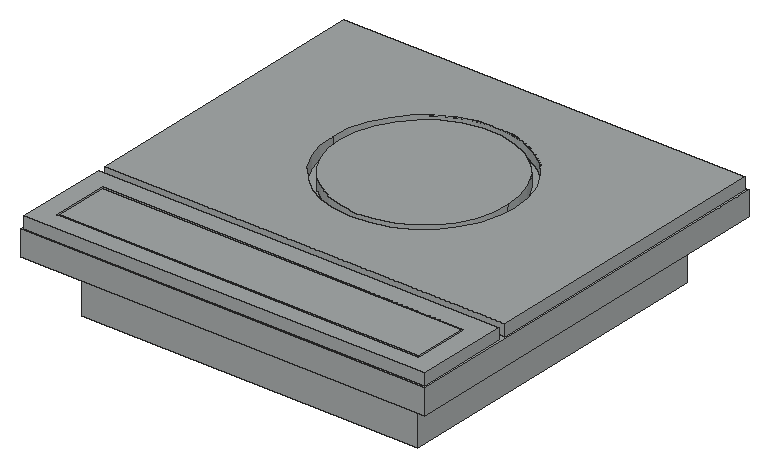
Revit family "Gira_5533920", category Electrical Fixtures, host Face, Revit 2017
Family settings
  Host = Face
  Maintain Annotation Orientation = Yes
  Round Connector Dimension = Use Diameter
  Part Type = Normal
  Cut with Voids When Loaded = No
  Shared = No
  Room Calculation Point = No
Parameters (values of type "Ruftastenmodul 3f System 106 Edelstahl")
  URL = "http://katalog.gira.de/de_DE/datenblatt.html?artikelnr=5533920"
  Region = "DE"
  Name = "Ruftastenmodul 3f System 106 Edelstahl"
  Model = "Sys106_Abdeckung_Schalten und Tasten"
  Manufacturer URL = "https://www.gira.de/"
  Installationstechnik = "Bus-System"
  Höhe = "0,1065 m"
  HeinzeBIM = "https://bimportal.heinze.de/bim/ruftastenmodul-3f-system-106-edelstahl/2d92a11e4e957731f4c442018084108859d4a54f"
  HAN = "5533920"
  GTIN = "4010337022565"
  Edelstahl [instance] = Edelstahl
  Default Elevation = 1219.2 mm
  Data sheet (1) = "https://katalog.gira.de/de_DE/download.html?artikelnr=5533920"
  Category = "Funktionsmodul für Türkommunikation"
  Breite = "0,1065 m"
  Available = "Yes"
  Anzahl der Klingeltasten = "3 "
Reference planes
  plane 1 "Center (Front/Back)": y = 0
  plane 2 "Reference Level 0": z = 0
  plane 3 "Center (Left/Right)": x = 0
  plane 4 "Reference Level 1": z = 9.5
Forms (mm)
  Extrusion 1, solid, material "Edelstahl" <- "Edelstahl", detail levels coarse
    sketch origin (0, 0, 0) x (1, 0, 0) y (0, 1, 0)
      loop
        line (-53, 53) -> (-53, -53) -> (53, -53) -> (53, 53) -> (-53, 53)
    from -14.7 to 9.5
  Extrusion 2, solid, material "Edelstahl" <- "Edelstahl", detail levels fine
    sketch origin (0, 0, 0) x (1, 0, 0) y (0, 1, 0)
      loop
        line (52.5, -28) -> (-52.5, -28) -> (-52.5, -52.5) -> (52.5, -52.5) -> (52.5, -28)
      loop
        line (-47.5, -48) -> (47.5, -48) -> (47.5, -33) -> (-47.5, -33) -> (-47.5, -48)
    from 6.5 to 9.5
  Extrusion 3, solid, material "Edelstahl" <- "Edelstahl", detail levels fine
    sketch origin (0, 0, 0) x (1, 0, 0) y (0, 1, 0)
      loop
        line (-52.5, 52.5) -> (-52.5, -26) -> (52.5, -26) -> (52.5, 52.5) -> (-52.5, 52.5)
      loop
        circle (0, 13) r 24
    from 6.5 to 9.5
  Extrusion 4, solid, material "Edelstahl" <- "Edelstahl", detail levels medium+fine
    sketch origin (0, 0, 0) x (1, 0, 0) y (0, 1, 0)
      loop
        line (-53, 53) -> (-53, -53) -> (53, -53) -> (53, 53) -> (-53, 53)
    from 0 to 6.5
  Extrusion 5, solid, material "Edelstahl" <- "Edelstahl", detail levels fine
    sketch origin (0, 0, 0) x (1, 0, 0) y (0, 1, 0)
      loop
        line (-44, 44) -> (-44, -44) -> (44, -44) -> (44, 44) -> (-44, 44)
    from -14.7 to 0
  Extrusion 6, solid, material "Edelstahl" <- "Edelstahl", detail levels fine
    sketch origin (0, 0, 0) x (1, 0, 0) y (0, 1, 0)
      loop
        circle (0, 13) r 22
    from 6.5 to 9.5
  Extrusion 7, solid, material "Edelstahl" <- "Edelstahl", detail levels fine
    sketch origin (0, 0, 0) x (1, 0, 0) y (0, 1, 0)
      loop
        line (-47, -33.5) -> (-47, -47.5) -> (47, -47.5) -> (47, -33.5) -> (-47, -33.5)
    from 6.5 to 9.5
  Extrusion 8, solid, material "Edelstahl" <- "Edelstahl", detail levels medium
    sketch origin (0, 0, 0) x (1, 0, 0) y (0, 1, 0)
      loop
        line (-52.5, 52.5) -> (-52.5, -26) -> (52.5, -26) -> (52.5, 52.5) -> (-52.5, 52.5)
      loop
        line (-52.5, -28) -> (-52.5, -52.5) -> (52.5, -52.5) -> (52.5, -28) -> (-52.5, -28)
    from 6.5 to 9.5
  Extrusion 9, solid, material "Edelstahl" <- "Edelstahl", detail levels medium
    sketch origin (0, 0, 0) x (1, 0, 0) y (0, 1, 0)
      loop
        circle (0, 13) r 24
      loop
        line (-47.5, -33) -> (-47.5, -48) -> (47.5, -48) -> (47.5, -33) -> (-47.5, -33)
    from 6.5 to 9.5
Dimensions and locks
  aligned and locked: plane 2 "Reference Level 0" to host face
  aligned and locked: level to host face
  aligned and locked: Extrusion 4 to host face
  aligned and locked: Extrusion 4 to level
  aligned and locked: level to Extrusion 5
  aligned and locked: level to Extrusion 4
  aligned and locked: Extrusion 4 to plane 2 "Reference Level 0"
  aligned and locked: plane 2 "Reference Level 0" to Extrusion 5
  aligned and locked: plane 3 "Center (Left/Right)" to nested 1
  aligned and locked: plane 1 "Center (Front/Back)" to nested 1
Nested families
  nested 1: "Schalter" at (0, 0, 0), type "Schalter"
Connectors
  electrical at (0, 0, -14.7)
    settings: on Extrusion 5, index 1, voltage 220 V, apparent load 0 VA, apparent load phase1 0 VA, apparent load phase2 0 VA, apparent load phase3 0 VA, power factor 1, load classification "Other", number of poles 1, system type 30, power factor state 1, is connector primary yes, connector utility no, sub classification motor no, connector description ""
Definition of nested family "Schalter"
  Reference planes
    plane 1: y = 0
    plane 2: x = 0
  Lines and regions (mm)
    detail lines
      curve 1: circle (1.375, 2.778, 0) r 0.8 normal (0, 0, 1)
      curve 2: line (1.021, 2.061, 0) -> (0, 0, 0)
      curve 3: line (0, 0, 0) -> (-0.538, 0.266, 0)
  Dimensions and locks
    curve 2 to curve 2 = 2.3 mm
    curve 3 to curve 2 = 0.6 mm
    radius of curve 1 = 0.8 mm
